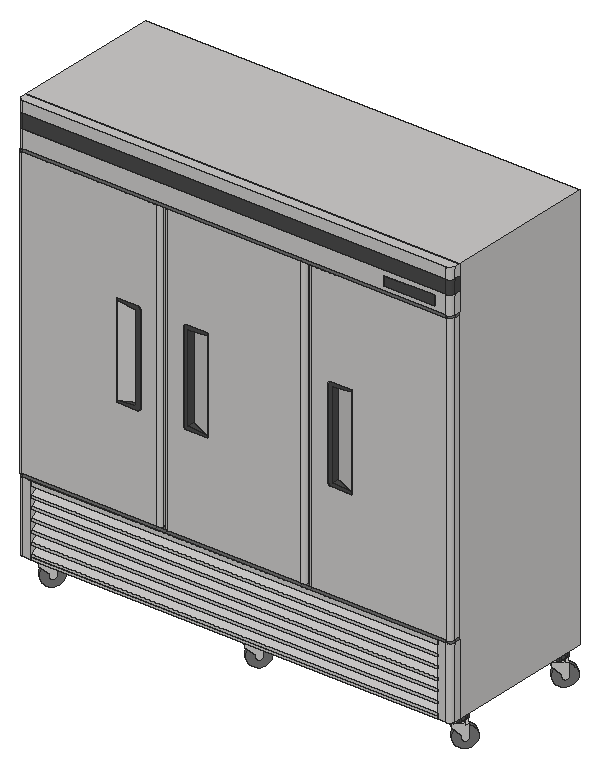
Revit family "QF_Turbo Air_TSR-72SD", category Specialty Equipment, Revit 2012
Parameters (values of type "TSR-72SD")
  Width = 81 7/8"
  Weight in Pounds = 602
  Watermarked By = "http://revitwatermark.com"
  Volts = 115 V
  URL Cutsheet = ""
  URL = ""
  Status [instance] = ""
  Specification by User [instance] = ""
  Specification by Manufacturer [instance] = ""
  Serial Number [instance] = ""
  Revision Code [instance] = ""
  Phase = 1
  Number of Poles [instance] = 1
  NAFEM Spec ID Number [instance] = ""
  Model = "TSR-72SD"
  Masterspec [instance] = ""
  Manufacturer = "Turbo Air"  # constant formula
  Legs [instance] = [6 Inch Legs]  # no
  Item Number [instance] = "-"
  Installed By [instance] = ""
  HP = "1/2"
  Furnished By [instance] = ""
  Foodservice Equipment Identifier = yes
  FL Amps = 11.3 A
  Electrical Remarks [instance] = ""
  Electric Connection Type [instance] = ""
  Elec Conn RI Height [instance] = 0"
  Elec Conn Connection Height = 77 7/8"
  Door Height = 54 1/2"
  Description = "Refrigerator, Reach-In"
  Depth = 30 3/8"
  Cycle = 60 Hz
  Conn Plug = "NEMA 5-15P"
  Casters [instance] = or([4 Inch Casters], [5 Inch Casters])  # yes
  CasterLeg Height [instance] = if([4 Inch Casters], 5", if([5 Inch Casters], 5 3/4", 6"))  # 5"
  Cabinet Height = 77"
  CSI MasterFormat = "11 41 13"
  Assembly Code = "E1090320"
  Apparent Power = if(Phase = 1, Volts * FL Amps * 1.73, Volts * FL Amps)  # 2248.14 VA
  6 Inch Legs [instance] = no
  5 Inch Casters [instance] = no
  4 Inch Casters [instance] = yes
Reference planes (in)
  plane 1 "BACK": y = 0
  plane 2 "BOTTOM": z = 0
  plane 3 "LEFT": x = -21.59155
  plane 4 "RIGHT": x = 60.28345
  plane 5 "FRONT": y = -30.375
  plane 6 "TOP": z = 83.25
  plane 7 "Bottom of Box": z = 6.25
  plane 8 "Back of Door": y = -28.375
  plane 9 "Bottom of Top Reach-In": z = 75.125
  plane 10 "Bottom of Door": z = 20.125
  plane 11 "Bottom of Bottom Reach-In": z = 6.75
  plane 12: z = 19.625
  plane 13: y = -0.25
  plane 14 "Top 1": z = 81.25
  plane 15 "Top 2": z = 78.625
  plane 16: x = 19.34595
  plane 17: x = 5.70012
  plane 18: x = 32.99179
  plane 19: x = 5.95012
  plane 20: x = 5.45012
  plane 21: x = 33.24179
  plane 22: x = 32.74179
  plane 23: z = 74.625
  plane 24: y = -55.875
  plane 25: z = 5
Forms (in)
  Extrusion 1, solid, material "QF_Finishes_Stainless Steel"
    sketch origin (0, -28.375, 0) x (1, 0, 0) y (0, 0, 1)
      loop
        line (-19.02905, 19.625) -> (-19.02905, 18.75) -> (57.72095, 18.75) -> (57.72095, 19.625) -> (-19.02905, 19.625)
    from 0 to 2
  Blend 2, solid, material "QF_Finishes_Stainless Steel"
    base sketch origin (0, -28.375, 1.5) x (1, 0, 0) y (0, 0, 1)
      loop
        line (-19.02905, 17.25) -> (-19.02905, 15.25) -> (57.72095, 15.25) -> (57.72095, 17.25) -> (-19.02905, 17.25)
    top sketch origin (0, -28.375, 1.5) x (1, 0, 0) y (0, 0, 1)
      loop
        line (-19.02905, 15.25) -> (57.72095, 15.25) -> (57.72095, 15.75) -> (-19.02905, 15.75) -> (-19.02905, 15.25)
    from 0 to 2
  Blend 3, solid, material "QF_Finishes_Stainless Steel"
    base sketch origin (0, -28.375, -0.5) x (1, 0, 0) y (0, 0, 1)
      loop
        line (-19.02905, 17.25) -> (-19.02905, 15.25) -> (57.72095, 15.25) -> (57.72095, 17.25) -> (-19.02905, 17.25)
    top sketch origin (0, -28.375, -0.5) x (1, 0, 0) y (0, 0, 1)
      loop
        line (-19.02905, 15.25) -> (57.72095, 15.25) -> (57.72095, 15.75) -> (-19.02905, 15.75) -> (-19.02905, 15.25)
    from 0 to 2
  Blend 4, solid, material "QF_Finishes_Stainless Steel"
    base sketch origin (0, -28.375, -2.5) x (1, 0, 0) y (0, 0, 1)
      loop
        line (-19.02905, 17.25) -> (-19.02905, 15.25) -> (57.72095, 15.25) -> (57.72095, 17.25) -> (-19.02905, 17.25)
    top sketch origin (0, -28.375, -2.5) x (1, 0, 0) y (0, 0, 1)
      loop
        line (-19.02905, 15.25) -> (57.72095, 15.25) -> (57.72095, 15.75) -> (-19.02905, 15.75) -> (-19.02905, 15.25)
    from 0 to 2
  Blend 5, solid, material "QF_Finishes_Stainless Steel"
    base sketch origin (0, -28.375, -4.5) x (1, 0, 0) y (0, 0, 1)
      loop
        line (-19.02905, 17.25) -> (-19.02905, 15.25) -> (57.72095, 15.25) -> (57.72095, 17.25) -> (-19.02905, 17.25)
    top sketch origin (0, -28.375, -4.5) x (1, 0, 0) y (0, 0, 1)
      loop
        line (-19.02905, 15.25) -> (57.72095, 15.25) -> (57.72095, 15.75) -> (-19.02905, 15.75) -> (-19.02905, 15.25)
    from 0 to 2
  Blend 6, solid, material "QF_Finishes_Stainless Steel"
    base sketch origin (0, -28.375, -6.5) x (1, 0, 0) y (0, 0, 1)
      loop
        line (-19.02905, 17.25) -> (-19.02905, 15.25) -> (57.72095, 15.25) -> (57.72095, 17.25) -> (-19.02905, 17.25)
    top sketch origin (0, -28.375, -6.5) x (1, 0, 0) y (0, 0, 1)
      loop
        line (-19.02905, 15.25) -> (57.72095, 15.25) -> (57.72095, 15.75) -> (-19.02905, 15.75) -> (-19.02905, 15.25)
    from 0 to 2
  Blend 7, solid, material "QF_Finishes_Stainless Steel"
    base sketch origin (0, -28.375, -8.5) x (1, 0, 0) y (0, 0, 1)
      loop
        line (-19.02905, 17.25) -> (-19.02905, 15.25) -> (57.72095, 15.25) -> (57.72095, 17.25) -> (-19.02905, 17.25)
    top sketch origin (0, -28.375, -8.5) x (1, 0, 0) y (0, 0, 1)
      loop
        line (-19.02905, 15.25) -> (57.72095, 15.25) -> (57.72095, 15.75) -> (-19.02905, 15.75) -> (-19.02905, 15.25)
    from 0 to 2
  Extrusion 8, solid, material "QF_Finishes_Stainless Steel"
    sketch origin (0, 0, 0) x (1, 0, 0) y (0, 0, 1)
      loop
        circle (-17.71449, 77.3727) r 0.25
    from 0 to -0.25
  Extrusion 9, solid, material "QF_Finishes_Stainless Steel"
    sketch origin (0, 0, 0) x (1, 0, 0) y (0, 0, 1)
      loop
        line (-21.59155, 83.25) -> (-21.59155, 19.625) -> (60.28345, 19.625) -> (60.28345, 83.25) -> (-21.59155, 83.25)
      loop
        line (58.28345, 20.125) -> (58.28345, 81.25) -> (-19.59155, 81.25) -> (-19.59155, 20.125) -> (58.28345, 20.125)
    from 0 to 28.375
  Extrusion 10, solid, material "QF_Finishes_Stainless Steel"
    sketch origin (0, 0, 0) x (1, 0, 0) y (0, 0, 1)
      loop
        line (-19.59155, 81.25) -> (-19.59155, 20.125) -> (58.28345, 20.125) -> (58.28345, 81.25) -> (-19.59155, 81.25)
    from 0 to 0.25
  Extrusion 11, solid, material "QF_Finishes_Stainless Steel"
    sketch origin (0, 0, 6.25) x (0, 1, 0) y (-1, 0, 0)
      loop
        line (0, 21.59155) -> (-28.375, 21.59155) -> (-28.375, -60.28345) -> (0, -60.28345) -> (0, 21.59155)
    from 0 to 13.375
  Extrusion 12, solid, material "QF_Finishes_Stainless Steel"
    sketch origin (0, 0, 6.25) x (0, 1, 0) y (-1, 0, 0)
      loop
        line (-28.375, 21.59155) -> (-29.375, 21.59155)
        arc (-29.375, 21.59155) -> (-30.08211, 21.29865) -> (-30.375, 20.59155) r 1
        line (-30.375, 20.59155) -> (-30.375, 19.02905) -> (-28.375, 19.02905) -> (-28.375, 21.59155)
      loop
        line (-28.375, -60.28345) -> (-28.375, -57.72095) -> (-30.375, -57.72095) -> (-30.375, -59.28345)
        arc (-30.375, -59.28345) -> (-30.08211, -59.99056) -> (-29.375, -60.28345) r 1
        line (-29.375, -60.28345) -> (-28.375, -60.28345)
    from 0 to 13.375
  Extrusion 13, solid, material "QF_Finishes_Stainless Steel"
    sketch origin (0, -30.375, 0) x (1, 0, 0) y (0, 0, 1)
      loop
        line (-19.02905, 6.75) -> (-19.02905, 6.25) -> (57.72095, 6.25) -> (57.72095, 6.75) -> (-19.02905, 6.75)
    from 0 to -2
  Extrusion 14, solid, material "QF_Finishes_Stainless Steel"
    sketch origin (0, 0, 83.25) x (0, 1, 0) y (-1, 0, 0)
      loop
        line (-28.375, 21.59155) -> (-29.375, 21.59155)
        arc (-29.375, 21.59155) -> (-30.08211, 21.29865) -> (-30.375, 20.59155) r 1
        line (-30.375, 20.59155) -> (-30.375, -59.28345)
        arc (-30.375, -59.28345) -> (-30.08211, -59.99056) -> (-29.375, -60.28345) r 1
        line (-29.375, -60.28345) -> (-28.375, -60.28345) -> (-28.375, 21.59155)
    from 0 to -2
  Extrusion 15, solid, material "QF_Finishes_Black"
    sketch origin (0, 0, 81.25) x (-1, 0, 0) y (0, -1, 0)
      loop
        line (21.59155, 28.375) -> (21.59155, 29.375)
        arc (21.59155, 29.375) -> (21.29865, 30.08211) -> (20.59155, 30.375) r 1
        line (20.59155, 30.375) -> (-59.28345, 30.375)
        arc (-59.28345, 30.375) -> (-59.99056, 30.08211) -> (-60.28345, 29.375) r 1
        line (-60.28345, 29.375) -> (-60.28345, 28.375) -> (21.59155, 28.375)
    from 0 to -2.625
  Extrusion 16, solid, material "QF_Finishes_Stainless Steel"
    sketch origin (0, 0, 78.625) x (-1, 0, 0) y (0, -1, 0)
      loop
        line (21.59155, 28.375) -> (21.59155, 29.375)
        arc (21.59155, 29.375) -> (21.29865, 30.08211) -> (20.59155, 30.375) r 1
        line (20.59155, 30.375) -> (-59.28345, 30.375)
        arc (-59.28345, 30.375) -> (-59.99056, 30.08211) -> (-60.28345, 29.375) r 1
        line (-60.28345, 29.375) -> (-60.28345, 28.375) -> (21.59155, 28.375)
    from 0 to -3.5
  Extrusion 17, void
    sketch origin (0, -28.375, 0) x (1, 0, 0) y (0, 0, 1)
      loop
        line (47.65845, 77.75) -> (47.65845, 75.9375) -> (57.15845, 75.9375) -> (57.15845, 77.75) -> (47.65845, 77.75)
    from 0 to 2
  Extrusion 18, solid, material "QF_Finishes_Black"
    sketch origin (0, -28.375, 0) x (1, 0, 0) y (0, 0, 1)
      loop
        line (47.65845, 77.75) -> (47.65845, 75.9375) -> (57.15845, 75.9375) -> (57.15845, 77.75) -> (47.65845, 77.75)
    from 0 to 2
  Extrusion 19, solid, material "QF_Finishes_Dark Grey"
    sketch origin (0, 0, 75.125) x (0, 1, 0) y (-1, 0, 0)
      loop
        line (-28.375, 21.59155) -> (-29.375, 21.59155)
        arc (-29.375, 21.59155) -> (-30.08211, 21.29865) -> (-30.375, 20.59155) r 1
        line (-30.375, 20.59155) -> (-30.375, -59.27304)
        arc (-30.375, -59.27304) -> (-30.08211, -59.98014) -> (-29.375, -60.27304) r 1
        line (-29.375, -60.27304) -> (-28.375, -60.27304) -> (-28.375, 21.59155)
    from 0 to -0.5
  Extrusion 20, solid, material "QF_Finishes_Dark Grey"
    sketch origin (0, 0, 20.125) x (0, 1, 0) y (-1, 0, 0)
      loop
        line (-28.375, 21.59155) -> (-29.375, 21.59155)
        arc (-29.375, 21.59155) -> (-30.08211, 21.29865) -> (-30.375, 20.59155) r 1
        line (-30.375, 20.59155) -> (-30.375, -59.27304)
        arc (-30.375, -59.27304) -> (-30.08211, -59.98014) -> (-29.375, -60.27304) r 1
        line (-29.375, -60.27304) -> (-28.375, -60.27304) -> (-28.375, 21.59155)
    from 0 to -0.5
  Extrusion 21, solid, material "QF_Finishes_Dark Grey"
    sketch origin (0, -28.375, 0) x (1, 0, 0) y (0, 0, 1)
      loop
        line (5.4397, 74.625) -> (5.4397, 20.125) -> (5.95012, 20.125) -> (5.95012, 74.625) -> (5.4397, 74.625)
      loop
        line (32.74179, 74.625) -> (32.74179, 20.125) -> (33.24179, 20.125) -> (33.24179, 74.625) -> (32.74179, 74.625)
    from 0 to 0.65786
  Extrusion 22, solid, material "QF_Finishes_Black"
    sketch origin (-21.59155, 0, 0) x (0, 1, 0) y (0, 0, 1)
      loop
        line (-4, 5) -> (-2, 5) -> (-2, 6.25) -> (-2.125, 6.25) -> (-2.125, 5.125) -> (-3.875, 5.125) -> (-3.875, 6.25) -> (-4, 6.25) -> (-4, 5)
      loop
        line (-27.625, 5) -> (-25.625, 5) -> (-25.625, 6.25) -> (-25.75, 6.25) -> (-25.75, 5.125) -> (-27.5, 5.125) -> (-27.5, 6.25) -> (-27.625, 6.25) -> (-27.625, 5)
    from 0.5 to 81.375
Cuts and joins
  joined: Extrusion 9, Extrusion 10, Extrusion 11
  Extrusion 17 cuts Extrusion 16
Lines and regions (in)
  symbolic lines
    curve 1: line (60.28345, 0, 6.75) -> (-21.59155, 0, 6.75)
    curve 2: line (-21.59155, 0, 6.75) -> (-21.59155, -28.375, 6.75)
    curve 3: line (60.28345, -28.375, 6.75) -> (60.28345, 0, 6.75)
    curve 4: line (60.28345, -29.375, 6.75) -> (60.28345, -28.375, 6.75)
    curve 5: arc (60.28345, -29.375, 6.75) -> (59.99056, -30.08211, 6.75) -> (59.28345, -30.375, 6.75) r 1
    curve 6: line (-20.59155, -30.375, 6.75) -> (59.28345, -30.375, 6.75)
    curve 7: arc (-20.59155, -30.375, 6.75) -> (-21.29865, -30.08211, 6.75) -> (-21.59155, -29.375, 6.75) r 1
    curve 8: line (-21.59155, -28.375, 6.75) -> (-21.59155, -29.375, 6.75)
  symbolic lines, style "QF_Surface Details"
    curve 9: line (-21.59155, -28.375, 6.75) -> (60.28345, -28.375, 6.75)
  symbolic lines, style "QF_Clearances", detail levels coarse
    curve 10: line (-21.59155, -30.375, 75.125) -> (-21.59155, -55.875, 75.125)
    curve 11: line (32.74179, -30.375, 75.125) -> (32.74179, -55.875, 75.125)
    curve 12: line (60.27304, -30.375, 75.125) -> (60.27304, -55.875, 75.125)
    curve 16: arc (5.4397, -30.375, 75.125) -> (-2.3984, -49.14345, 75.125) -> (-21.59155, -55.875, 75.125) r 25
    curve 17: arc (5.95012, -30.375, 75.125) -> (13.70799, -49.04855, 75.125) -> (32.74179, -55.875, 75.125) r 25
    curve 18: arc (33.24179, -30.375, 75.125) -> (41.07989, -49.14345, 75.125) -> (60.27304, -55.875, 75.125) r 25
  symbolic lines, style "QF_Clearances", detail levels medium+fine
    curve 13: line (60.27304, -30.375, 75.125) -> (33.24179, -30.375, 75.125)
    curve 14: line (32.74179, -30.375, 75.125) -> (5.95012, -30.375, 75.125)
    curve 15: line (5.4397, -30.375, 75.125) -> (-21.59155, -30.375, 75.125)
Dimensions and locks (in)
  "Width": plane 4 "RIGHT" to plane 3 "LEFT"
  "Depth": plane 5 "FRONT" to plane 1 "BACK"
  locked: plane 3 "LEFT" to nested 1 at 2
  locked: nested 1 to plane 1 "BACK" at 3
  locked: nested 2 to plane 4 "RIGHT" at 2
  locked: nested 2 to plane 1 "BACK" at 3
  locked: plane 3 "LEFT" to nested 3 at 2
  locked: nested 4 to plane 4 "RIGHT" at 2
  locked: plane 8 "Back of Door" to plane 1 "BACK" at 28.375
  locked: plane 11 "Bottom of Bottom Reach-In" to plane 7 "Bottom of Box" at 0.5
  locked: plane 10 "Bottom of Door" to plane 11 "Bottom of Bottom Reach-In" at 13.375
  locked: plane 10 "Bottom of Door" to plane 12 at 0.5
  locked: Extrusion 1 sketch curve to Extrusion 1 sketch curve at 0.875
  "Cabinet Height": plane 6 "TOP" to plane 7 "Bottom of Box"
  locked: plane 1 "BACK" to plane 13 at 0.25
  locked: Extrusion 9 sketch curve to Extrusion 9 sketch curve at 2  (x3)
  locked: plane 6 "TOP" to plane 14 "Top 1" at 2
  locked: plane 14 "Top 1" to plane 15 "Top 2" at 2.625
  locked: plane 5 "FRONT" to nested 3 at 3.75
  locked: plane 5 "FRONT" to nested 4 at 3.75
  locked: Extrusion 17 sketch curve to plane 4 "RIGHT" at 3.125
  locked: Extrusion 17 sketch curve to Extrusion 17 sketch curve at 9.5
  locked: Extrusion 18 sketch curve to plane 4 "RIGHT" at 3.125
  locked: Extrusion 18 sketch curve to Extrusion 18 sketch curve at 9.5
  locked: plane 15 "Top 2" to Extrusion 18 sketch curve at 0.875
  locked: Extrusion 18 sketch curve to plane 9 "Bottom of Top Reach-In" at 0.8125
  locked: plane 15 "Top 2" to Extrusion 17 sketch curve at 0.875
  locked: Extrusion 17 sketch curve to plane 9 "Bottom of Top Reach-In" at 0.8125
  equal spacing: plane 3 "LEFT", plane 16, plane 4 "RIGHT"
  locked: plane 5 "FRONT" to nested 6 at 3.75
  locked: nested 5 to plane 1 "BACK" at 3
  equal spacing: plane 3 "LEFT", plane 17, plane 18, plane 4 "RIGHT"
  plane 21 to plane 4 "RIGHT" = 27.04167"
  locked: plane 9 "Bottom of Top Reach-In" to plane 23 at 0.5
  "Door Height": plane 23 to plane 10 "Bottom of Door"
  plane 24 to plane 5 "FRONT" = 25 1/2"
  locked: plane 7 "Bottom of Box" to plane 25 at 1.25
  "CasterLeg Height": plane 25 to level
  locked: Extrusion 22 sketch curve to plane 25 at 0.125  (x2)
  locked: plane 4 "RIGHT" to Extrusion 22 at 0.5
  aligned and locked: level to plane 2 "BOTTOM"
  aligned and locked: plane 5 "FRONT" to Extrusion 1
  aligned and locked: Blend 2 sketch curve to var sketch  (x2)
  aligned and locked: plane 5 "FRONT" to Blend 2
  aligned and locked: Blend 3 sketch curve to var sketch  (x2)
  aligned and locked: Blend 4 sketch curve to var sketch  (x2)
  aligned and locked: Blend 5 sketch curve to var sketch  (x2)
  aligned and locked: Blend 6 sketch curve to var sketch  (x2)
  aligned and locked: Blend 7 sketch curve to var sketch  (x2)
  aligned and locked: Extrusion 9 sketch curve to plane 4 "RIGHT"
  aligned and locked: plane 12 to Extrusion 9 sketch curve
  aligned and locked: Extrusion 10 sketch curve to Extrusion 9  (x4)
  aligned and locked: plane 13 to Extrusion 10
  aligned and locked: Extrusion 11 sketch curve to curve 1
  aligned and locked: Extrusion 11 sketch curve to curve 2
  aligned and locked: Extrusion 11 sketch curve to curve 3
  aligned and locked: plane 12 to Extrusion 11
  aligned and locked: Extrusion 12 sketch curve to plane 3 "LEFT"
  aligned and locked: Extrusion 12 sketch curve to plane 5 "FRONT"
  aligned and locked: Extrusion 12 sketch curve to plane 4 "RIGHT"
  aligned and locked: plane 5 "FRONT" to Extrusion 12 sketch curve
  aligned and locked: plane 12 to Extrusion 12
  aligned and locked: Extrusion 13 sketch curve to Blend 7  (x2)
  aligned and locked: Extrusion 13 sketch curve to Extrusion 12
  aligned and locked: Extrusion 12 to Extrusion 13 sketch curve
  aligned and locked: Extrusion 13 to plane 8 "Back of Door"
  aligned and locked: plane 8 "Back of Door" to Extrusion 9
  aligned and locked: Extrusion 14 sketch curve to curve 9
  aligned and locked: Extrusion 14 sketch curve to curve 2
  aligned and locked: Extrusion 14 sketch curve to plane 5 "FRONT"
  aligned and locked: Extrusion 14 sketch curve to plane 4 "RIGHT"
  aligned and locked: Extrusion 14 to plane 14 "Top 1"
  aligned and locked: Extrusion 15 sketch curve to plane 4 "RIGHT"
  aligned and locked: Extrusion 15 sketch curve to plane 5 "FRONT"
  aligned and locked: plane 8 "Back of Door" to Extrusion 15 sketch curve
  aligned and locked: plane 3 "LEFT" to Extrusion 15 sketch curve
  aligned and locked: Extrusion 15 to plane 15 "Top 2"
  aligned and locked: Extrusion 16 sketch curve to curve 9
  aligned and locked: Extrusion 16 sketch curve to curve 2
  aligned and locked: Extrusion 16 sketch curve to plane 5 "FRONT"
  aligned and locked: Extrusion 16 sketch curve to plane 4 "RIGHT"
  aligned and locked: Extrusion 16 to plane 9 "Bottom of Top Reach-In"
  aligned and locked: plane 5 "FRONT" to Extrusion 17
  aligned and locked: plane 5 "FRONT" to Extrusion 18
  aligned and locked: plane 5 "FRONT" to Blend 3
  aligned and locked: plane 5 "FRONT" to Blend 4
  aligned and locked: plane 5 "FRONT" to Blend 5
  aligned and locked: plane 5 "FRONT" to Blend 6
  aligned and locked: plane 5 "FRONT" to Blend 7
  aligned and locked: plane 16 to nested 5
  aligned and locked: plane 16 to nested 6
  aligned and locked: nested 7 to plane 10 "Bottom of Door"
  aligned and locked: Extrusion 19 to plane 23
  aligned and locked: Extrusion 20 sketch curve to curve 9
  aligned and locked: Extrusion 20 sketch curve to curve 2
  aligned and locked: Extrusion 20 sketch curve to nested 7  (x2)
  aligned and locked: Extrusion 20 to plane 12
  aligned and locked: Extrusion 21 sketch curve to plane 23
  aligned and locked: Extrusion 21 sketch curve to nested 9
  aligned and locked: Extrusion 21 sketch curve to nested 8  (x3)
  aligned and locked: Extrusion 21 sketch curve to nested 7  (x2)
  aligned and locked: plane 10 "Bottom of Door" to nested 9
  aligned and locked: nested 8 to plane 10 "Bottom of Door"
  aligned and locked: Extrusion 22 sketch curve to plane 7 "Bottom of Box"  (x4)
  aligned and locked: plane 25 to Extrusion 22 sketch curve  (x2)
Automatic sketch dimensions
  Blend 2 sketch curve to plane 12 = 2 7/8"  (x2)
  Blend 2 sketch curve to plane 12 = 7/8"
  Blend 2 sketch curve to Blend 2 sketch curve = 1/2"
  plane 3 "LEFT" to Blend 3 sketch curve = 2 9/16"
  Blend 3 sketch curve to plane 4 "RIGHT" = 2 9/16"
  Blend 3 sketch curve to plane 12 = 4 7/8"  (x2)
  Blend 3 sketch curve to Blend 3 sketch curve = 2"
  Blend 3 sketch curve to Blend 3 sketch curve = 1/2"
  plane 3 "LEFT" to Blend 4 sketch curve = 2 9/16"
  Blend 4 sketch curve to plane 4 "RIGHT" = 2 9/16"
  plane 11 "Bottom of Bottom Reach-In" to Blend 4 sketch curve = 6"  (x2)
  Blend 4 sketch curve to Blend 4 sketch curve = 2"
  Blend 4 sketch curve to Blend 4 sketch curve = 1/2"
  plane 3 "LEFT" to Blend 5 sketch curve = 2 9/16"
  Blend 5 sketch curve to plane 4 "RIGHT" = 2 9/16"
  plane 11 "Bottom of Bottom Reach-In" to Blend 5 sketch curve = 4"  (x2)
  Blend 5 sketch curve to Blend 5 sketch curve = 2"
  Blend 5 sketch curve to Blend 5 sketch curve = 1/2"
  plane 3 "LEFT" to Blend 6 sketch curve = 2 9/16"
  Blend 6 sketch curve to plane 4 "RIGHT" = 2 9/16"
  plane 11 "Bottom of Bottom Reach-In" to Blend 6 sketch curve = 2"  (x2)
  Blend 6 sketch curve to Blend 6 sketch curve = 2"
  Blend 6 sketch curve to Blend 6 sketch curve = 1/2"
  Blend 7 sketch curve to plane 11 "Bottom of Bottom Reach-In" = 0"  (x2)
  plane 3 "LEFT" to Blend 7 sketch curve = 2 9/16"
  Blend 7 sketch curve to plane 4 "RIGHT" = 2 9/16"
  plane 11 "Bottom of Bottom Reach-In" to Blend 7 sketch curve = 2"
  plane 11 "Bottom of Bottom Reach-In" to Blend 7 sketch curve = 1/2"
  plane 8 "Back of Door" to curve 9 = 0"
  plane 3 "LEFT" to curve 7 = 1"
  curve 4 to plane 5 "FRONT" = 1"
  plane 3 "LEFT" to Extrusion 8 sketch curve = 3.87706"
  plane 9 "Bottom of Top Reach-In" to Extrusion 8 sketch curve = 2.2477"
  plane 1 "BACK" to curve 2 = 0"
  Extrusion 1 sketch curve to plane 12 = 0"
  plane 8 "Back of Door" to Extrusion 12 sketch curve = 0"  (x2)
  Extrusion 12 sketch curve to Extrusion 12 sketch curve = 1 9/16"  (x2)
  Extrusion 9 sketch curve to plane 10 "Bottom of Door" = 0"
  plane 5 "FRONT" to curve 7 = 0"
  curve 8 to plane 3 "LEFT" = 0"
  curve 1 to plane 4 "RIGHT" = 0"
  Extrusion 9 sketch curve to plane 3 "LEFT" = 0"
  Extrusion 9 sketch curve to plane 14 "Top 1" = 0"
  plane 8 "Back of Door" to Extrusion 11 sketch curve = 0"
  Extrusion 14 sketch curve to plane 5 "FRONT" = 1"  (x2)
  Extrusion 1 sketch curve to plane 4 "RIGHT" = 2 9/16"
  Blend 2 sketch curve to plane 4 "RIGHT" = 2 9/16"
  Extrusion 12 sketch curve to plane 4 "RIGHT" = 1"
  Extrusion 15 sketch curve to Extrusion 15 sketch curve = 1"
  Extrusion 16 sketch curve to plane 4 "RIGHT" = 1"
  plane 3 "LEFT" to Extrusion 1 sketch curve = 2 9/16"
  plane 3 "LEFT" to Blend 2 sketch curve = 2 9/16"
  plane 3 "LEFT" to Extrusion 12 sketch curve = 1"
  plane 3 "LEFT" to Extrusion 15 sketch curve = 1"
  plane 3 "LEFT" to Extrusion 16 sketch curve = 1"
  plane 5 "FRONT" to Extrusion 19 sketch curve = 0"
  Extrusion 19 sketch curve to plane 3 "LEFT" = 0"
  plane 8 "Back of Door" to Extrusion 19 sketch curve = 0"
  Extrusion 19 sketch curve to plane 5 "FRONT" = 1"  (x2)
  Extrusion 19 sketch curve to plane 4 "RIGHT" = 0.01042"
  Extrusion 20 sketch curve to plane 5 "FRONT" = 1"  (x2)
  Extrusion 21 sketch curve to plane 10 "Bottom of Door" = 0"
  curve 10 to plane 3 "LEFT" = 0"
  plane 24 to curve 10 = 0"
  curve 11 to plane 22 = 0"
  plane 24 to curve 11 = 0"
  plane 24 to curve 12 = 0"
  plane 5 "FRONT" to curve 12 = 0"
  plane 5 "FRONT" to curve 15 = 0"
  plane 5 "FRONT" to curve 11 = 0"
  curve 18 to plane 21 = 0"
  curve 17 to plane 19 = 0"
  plane 5 "FRONT" to curve 16 = 0.58321"
  plane 5 "FRONT" to curve 17 = 0.56474"
  plane 8 "Back of Door" to curve 18 = 2.58321"
  curve 12 to plane 4 "RIGHT" = 0.01042"
  curve 16 to plane 20 = 0.01042"
  Extrusion 22 sketch curve to plane 8 "Back of Door" = 3/4"
  Extrusion 22 sketch curve to Extrusion 22 sketch curve = 1/8"  (x4)
  Extrusion 22 sketch curve to Extrusion 22 sketch curve = 1 3/4"  (x2)
  plane 13 to Extrusion 22 sketch curve = 3 3/4"
  radius of Extrusion 8 sketch curve = 1/4"
Nested families (in)
  nested 1: "FESCasterLeg" at (-19.59155, -3, 0), Height <- "CasterLeg Height", Legs <- "Legs", Casters <- "Casters", type "FESCasterLeg"
    with Legs no, Height 5", Casters yes, Caster Radius 2"
  nested 2: "FESCasterLeg" at (58.28345, -3, 0), Height <- "CasterLeg Height", Legs <- "Legs", Casters <- "Casters", type "FESCasterLeg"
    with Legs no, Height 5", Casters yes, Caster Radius 2"
  nested 3: "FESCasterLeg" at (-19.59155, -26.625, 0), Height <- "CasterLeg Height", Legs <- "Legs", Casters <- "Casters", type "FESCasterLeg"
    with Legs no, Height 5", Casters yes, Caster Radius 2"
  nested 4: "FESCasterLeg" at (58.28345, -26.625, 0), Height <- "CasterLeg Height", Legs <- "Legs", Casters <- "Casters", type "FESCasterLeg"
    with Legs no, Height 5", Casters yes, Caster Radius 2"
  nested 5: "FESCasterLeg" at (19.34595, -3, 0), Height <- "CasterLeg Height", Legs <- "Legs", Casters <- "Casters", type "FESCasterLeg"
    with Legs no, Height 5", Casters yes, Caster Radius 2"
  nested 6: "FESCasterLeg" at (19.34595, -26.625, 0), Height <- "CasterLeg Height", Legs <- "Legs", Casters <- "Casters", type "FESCasterLeg"
    with Legs no, Height 5", Casters yes, Caster Radius 2"
  nested 7: "QF_Turbo Air_RI_J_TS-Door" at (48.41845, -28.5625, 20.125), Height <- "Door Height", type "QF_Turbo Air_RI_J_TS-Door"
    with Width 27 1/32", Symbolic Lines yes, Height 54 1/2", Handle Height 17 11/16", Handle Center Height 27 1/4", Depth 1 13/16"
  nested 8: "QF_Turbo Air_RI_J_TS-Door" at (21.12679, -28.5625, 20.125), Height <- "Door Height", type "QF_Turbo Air_RI_J_TS-Door"
    with Width 26.79167", Symbolic Lines yes, Height 54 1/2", Handle Height 17 11/16", Handle Center Height 27 1/4", Depth 1 13/16"
  nested 9: "QF_Turbo Air_RI_J_TS-Door" at (-9.73696, -28.5625, 20.125) x (-1, 0, 0) z (0, 0, 1), Height <- "Door Height", type "QF_Turbo Air_RI_J_TS-Door"
    with Width 27 1/32", Symbolic Lines yes, Height 54 1/2", Handle Height 17 11/16", Handle Center Height 27 1/4", Depth 1 13/16"
Connectors (in)
  electrical at (-17.71449, 0.25, 77.3727), driven by "Number of Poles", driven by "Volts", driven by "Apparent Power"
    settings: on Extrusion 8, index 1, voltage 115 V, apparent load 2248.14 VA, apparent load phase1 0 VA, apparent load phase2 0 VA, apparent load phase3 0 VA, power factor 1, load classification "Other", number of poles 1, system type 30, power factor state 1, is connector primary yes, connector utility no, sub classification motor no, connector description "ELECTRIC"
Definition of nested family "FESCasterLeg"
  Parameters (values of type "FESCasterLeg")
    Watermarked By = "http://revitwatermark.com"
    Type Comments = "⍁⍉⌁⌀⏭⎽⌇⍠⌜⍉⎖⌥⌦⌯⍭⏊⍻⍿⍊⏵⍊⏗⏠⍴⎡⌈⎀⍠⌓⌤⏘⎐⍀⌐⏬⏁⎈⏍⏦⎒⏬⌝⍩⍇⌣〈⎫〉⎁⏊⍥⍖⍥⍝⍦⌖⍀⏌⏭⎝⎼⏷⏞⍻⏯⎽⏷⏞⍻⏯⎽⏷⎺⌻⎝⍎⌧⏷⏟⏿⌿⍜⍦⍤⌁⍬⏶⏎⍊⏚⏉⎞⌡⎀⎪⏈⌟⌿⍾⍼⌟⌿⌢⌞⏜⏝⎽⍷⍷⍯⍧⍷⌯⍽⏸⏨⏾⏎⌣⏺⍹⏼⏅⎏⌽⎫⎪⍙⎓⏗⎗⏅⌴⍏⍏⍿⏑⎺⍘⌭⏲⍥⎛⎾⎾⍞⍌⎪⎲⌙⎥⏏⎟⎟⏼⏘⎏⎝⏧⏍⏁⍏⍧⏯⏾⌟"
    Legs [instance] = yes
    Height [instance] = 6"
    Caster Radius [instance] = if(Height < 3", 1", (Height / 2) - 1/2")  # 2 1/2"
    Casters [instance] = yes
    Assembly Code = ""
  Reference planes (in)
    plane 1 "Center (Front/Back)": y = 0
    plane 2: z = 0
    plane 3 "Center (Left/Right)": x = 0
    plane 4: z = 6
    plane 5: z = 5.5
  Forms (in)
    Extrusion 1, solid, material "QF_Finishes_Stainless Steel", visible <- "Casters"
      sketch origin (-24.12131, -22.88887, 10.18833) x (0.707107, 0.707107, 0) y (0, 0, 1)
        loop
          line (34.98772, -7.68833) -> (34.98772, -4.93833) -> (34.48772, -4.93833) -> (34.39402, -4.68833) -> (32.39402, -4.68833) -> (32.39402, -5.43833) -> (33.98772, -7.34206) -> (33.98772, -7.68833)
          arc (33.98772, -7.68833) -> (34.48772, -8.18833) -> (34.98772, -7.68833) r 0.5
      from 0 to 1.75
    Extrusion 2, solid, material "QF_Finishes_Rubber Black", visible <- "Casters"
      sketch origin (-24.32327, -23.09083, 13.31461) x (0.707107, 0.707107, 0) y (0, 0, 1)
        loop
          circle (34.77334, -10.81461) r 2.5
      from 0.375 to 1.375
    Extrusion 3, solid, material "QF_Finishes_Stainless Steel", visible <- "Casters"
      sketch origin (-7.24148, -8.48391, 0) x (0.707107, 0.707107, 0) y (0, 0, 1)
        loop
          line (10.61603, 5.5) -> (11.61603, 5.5) -> (11.61603, 6) -> (10.61603, 6) -> (10.61603, 5.5)
      from 0 to -1.75
    Blend 4, solid, material "QF_Finishes_Stainless Steel", visible <- "Legs"
      base sketch origin (0, 0, 0) x (1, 0, 0) y (0, 1, 0)
        loop
          circle (0, 0) r 0.5
      top sketch origin (0, 0, 0) x (1, 0, 0) y (0, 1, 0)
        loop
          circle (0, 0) r 1
      from 0 to 6 <- "Height"
  Lines and regions (in)
    symbolic lines, style "QF_Hidden Details", visible <- "Casters", built-in parameter 1006206 <- "Casters"
      curve 1: line (-1.26158, -0.51911, 0) -> (1.39007, 2.13254, 0)
      curve 2: line (-0.53429, -1.24639, 0) -> (2.11736, 1.40526, 0)
    symbolic lines, style "QF_Hidden Details", built-in parameter 1006206 <- "Casters", visible <- "Casters"
      curve 3: line (-1.26158, -0.51911, 0) -> (1.39007, 2.13254, 0)
      curve 4: line (-0.53429, -1.24639, 0) -> (2.11736, 1.40526, 0)
  Dimensions and locks (in)
    locked: plane 4 to plane 5 at 0.5
    "Height": plane 4 to level
    "Caster Radius": Extrusion 2 sketch curve to level
    "Caster Radius": Extrusion 1 sketch curve to level
    "Caster Radius": radius of Extrusion 2 sketch curve
    aligned and locked: plane 2 to level
    aligned: Blend 4 to Extrusion 3
    aligned and locked: plane 4 to Blend 4
    aligned and locked: Extrusion 3 to plane 5
    aligned and locked: plane 4 to Extrusion 3
    aligned and locked: plane 5 to Extrusion 1
  Automatic sketch dimensions
    plane 1 "Center (Front/Back)" to curve 3 = 0.51911"
    curve 3 to plane 3 "Center (Left/Right)" = 1.26158"
    plane 1 "Center (Front/Back)" to curve 1 = 0.51911"
    curve 1 to curve 3 = 0"  (x3)
    curve 4 to plane 3 "Center (Left/Right)" = 0.53429"
    curve 2 to curve 4 = 0"  (x2)
    plane 3 "Center (Left/Right)" to curve 3 = 1.39007"
    curve 1 to curve 4 = 0.72729"
    curve 2 to curve 1 = 0.72729"
    curve 4 to curve 2 = 0"  (x2)
    curve 2 to plane 1 "Center (Front/Back)" = 1.40526"
    curve 2 to curve 3 = 0.72729"
    plane 5 to Extrusion 1 sketch curve = 0"
    Extrusion 1 sketch curve to Extrusion 1 sketch curve = 1.5937"
    Extrusion 1 sketch curve to Extrusion 1 sketch curve = 2"
    Extrusion 1 sketch curve to Extrusion 1 sketch curve = 0.0937"
    Extrusion 1 sketch curve to Extrusion 1 sketch curve = 1/2"
    Extrusion 1 sketch curve to Extrusion 1 sketch curve = 0.34627"
    Extrusion 1 sketch curve to plane 5 = 3/4"
    Extrusion 1 sketch curve to plane 5 = 1/4"
    Extrusion 3 sketch curve to plane 5 = 0"
    plane 4 to Extrusion 3 sketch curve = 0"
    Extrusion 3 sketch curve to Extrusion 3 sketch curve = 1"
    plane 1 "Center (Front/Back)" to Blend 4 sketch curve = 0"  (x2)
    Blend 4 sketch curve to plane 3 "Center (Left/Right)" = 0"  (x2)
    radius of Blend 4 sketch curve = 1/2"
    radius of Blend 4 sketch curve = 1"
Definition of nested family "QF_Turbo Air_RI_J_TS-Door"
  Parameters (values of type "QF_Turbo Air_RI_J_TS-Door")
    Width [instance] = 28 3/4"
    Watermarked By = "http://revitwatermark.com"
    Symbolic Lines [instance] = yes
    Manufacturer = "Turbo Air"  # constant formula
    Height [instance] = 63 1/4"
    Handle Height [instance] = 17 11/16"
    Handle Center Height [instance] = 34 13/16"
    Depth [instance] = 1 13/16"
  Reference planes (in)
    plane 1 "BACK": y = 0
    plane 2: z = 0
    plane 3 "LEFT": x = -15.17667
    plane 4: x = 13.57333
    plane 5 "FRONT": y = -1.8125
    plane 6: z = 63.25
    plane 7 "Top of Handle": z = 43.65625
    plane 8 "Bottom of Handle": z = 25.96875
    plane 9 "Center of Handle": z = 34.8125
    plane 10 "Left of Handle": x = -11.36417
    plane 11 "Right of Handle": x = -6.86417
  Forms (in)
    Extrusion 1, solid, material "QF_Finishes_Stainless Steel"
      sketch origin (0, 0, 0) x (1, 0, 0) y (0, 0, 1)
        loop
          line (-15.17667, 63.25) -> (-15.17667, 0) -> (13.57333, 0) -> (13.57333, 63.25) -> (-15.17667, 63.25)
        loop
          arc (-10.80167, 43.65625) -> (-11.19941, 43.4915) -> (-11.36417, 43.09375) r 0.5625
          line (-11.36417, 43.09375) -> (-11.36417, 26.53125)
          arc (-11.36417, 26.53125) -> (-11.19941, 26.1335) -> (-10.80167, 25.96875) r 0.5625
          line (-10.80167, 25.96875) -> (-6.86417, 25.96875) -> (-6.86417, 43.65625) -> (-10.80167, 43.65625)
      from 0 to 1.8125
    Extrusion 2, solid, material "QF_Finishes_Black"
      sketch origin (0, 0, 0) x (1, 0, 0) y (0, 0, 1)
        loop
          arc (-10.80167, 43.65625) -> (-11.19941, 43.4915) -> (-11.36417, 43.09375) r 0.5625
          line (-11.36417, 43.09375) -> (-11.36417, 26.53125)
          arc (-11.36417, 26.53125) -> (-11.19941, 26.1335) -> (-10.80167, 25.96875) r 0.5625
          line (-10.80167, 25.96875) -> (-6.86417, 25.96875) -> (-6.86417, 26.34375) -> (-10.55167, 26.66636) -> (-10.55167, 42.95864) -> (-6.86417, 43.28125) -> (-6.86417, 43.65625) -> (-10.80167, 43.65625)
      from 0 to 1.8125
    Extrusion 3, solid, material "QF_Finishes_Stainless Steel"
      sketch origin (0, 0, 25.96875) x (0, 1, 0) y (-1, 0, 0)
        loop
          line (-1.8125, 6.86417) -> (0, 6.86417) -> (0, 10.55167) -> (-0.47036, 10.55167) -> (-1.8125, 6.86417)
      from 0.375 to 17.3125
    Extrusion 4, void
      sketch origin (0, 0, 0) x (1, 0, 0) y (0, 1, 0)
        loop
          line (-15.17667, -1) -> (-15.17667, -1.8125) -> (-14.36417, -1.8125)
          arc (-14.36417, -1.8125) -> (-14.93869, -1.57452) -> (-15.17667, -1) r 0.8125
        loop
          arc (13.57333, -1) -> (13.33536, -1.57452) -> (12.76083, -1.8125) r 0.8125
          line (12.76083, -1.8125) -> (13.57333, -1.8125) -> (13.57333, -1)
      from 0 to 63.25
  Cuts and joins
    Extrusion 4 cuts Extrusion 1
  Lines and regions (in)
    symbolic lines, visible <- "Symbolic Lines"
      curve 1: line (13.57333, 0, 25.96875) -> (-15.17667, 0, 25.96875)
      curve 2: line (-15.17667, 0, 25.96875) -> (-15.17667, -1, 25.96875)
      curve 3: line (-14.36417, -1.8125, 25.96875) -> (12.76083, -1.8125, 25.96875)
      curve 4: line (13.57333, -1, 25.96875) -> (13.57333, 0, 25.96875)
      curve 5: arc (-14.36417, -1.8125, 0) -> (-14.93869, -1.57452, 0) -> (-15.17667, -1, 0) r 0.8125
      curve 6: arc (13.57333, -1, 0) -> (13.33536, -1.57452, 0) -> (12.76083, -1.8125, 0) r 0.8125
  Dimensions and locks (in)
    "Width": plane 4 to plane 3 "LEFT"
    "Depth": plane 5 "FRONT" to plane 1 "BACK"
    "Height": plane 6 to plane 2
    "Handle Height": plane 7 "Top of Handle" to plane 8 "Bottom of Handle"
    equal spacing: plane 7 "Top of Handle", plane 9 "Center of Handle", plane 8 "Bottom of Handle"
    "Handle Center Height": plane 9 "Center of Handle" to level
    locked: plane 3 "LEFT" to plane 10 "Left of Handle" at 3.8125
    locked: plane 10 "Left of Handle" to plane 11 "Right of Handle" at 4.5
    locked: Extrusion 2 sketch curve to plane 10 "Left of Handle" at 0.8125
    locked: Extrusion 2 sketch curve to plane 8 "Bottom of Handle" at 0.69761
    locked: Extrusion 2 sketch curve to plane 8 "Bottom of Handle" at 0.375
    locked: plane 7 "Top of Handle" to Extrusion 2 sketch curve at 0.375
    locked: plane 7 "Top of Handle" to Extrusion 2 sketch curve at 0.69761
    locked: plane 7 "Top of Handle" to Extrusion 3 at 0.375
    locked: Extrusion 3 to plane 8 "Bottom of Handle" at 0.375
    locked: plane 5 "FRONT" to Extrusion 3 sketch curve at 1.34214
    locked: plane 10 "Left of Handle" to Extrusion 3 sketch curve at 0.8125
    locked: plane 5 "FRONT" to Extrusion 4 sketch curve at 0.8125  (x2)
    locked: plane 3 "LEFT" to Extrusion 4 sketch curve at 0.8125
    locked: Extrusion 4 sketch curve to plane 4 at 0.8125
    aligned and locked: level to plane 2
    aligned and locked: Extrusion 1 sketch curve to plane 6
    aligned and locked: plane 3 "LEFT" to Extrusion 1 sketch curve
    aligned and locked: level to Extrusion 1 sketch curve
    aligned and locked: Extrusion 1 sketch curve to plane 4
    aligned and locked: Extrusion 1 sketch curve to plane 7 "Top of Handle"
    aligned and locked: plane 10 "Left of Handle" to Extrusion 1 sketch curve
    aligned and locked: plane 8 "Bottom of Handle" to Extrusion 1 sketch curve
    aligned and locked: Extrusion 1 sketch curve to plane 11 "Right of Handle"
    aligned and locked: plane 5 "FRONT" to Extrusion 1
    aligned and locked: plane 8 "Bottom of Handle" to Extrusion 2 sketch curve
    aligned and locked: plane 10 "Left of Handle" to Extrusion 2 sketch curve
    aligned and locked: Extrusion 2 sketch curve to plane 7 "Top of Handle"
    aligned and locked: Extrusion 2 sketch curve to plane 11 "Right of Handle"
    aligned and locked: plane 11 "Right of Handle" to Extrusion 2 sketch curve
    aligned and locked: plane 5 "FRONT" to Extrusion 2
    aligned and locked: plane 1 "BACK" to Extrusion 3 sketch curve
    aligned and locked: plane 5 "FRONT" to Extrusion 3 sketch curve
    aligned and locked: Extrusion 3 sketch curve to plane 11 "Right of Handle"
    aligned and locked: Extrusion 4 sketch curve to plane 5 "FRONT"
    aligned and locked: plane 5 "FRONT" to Extrusion 4 sketch curve
    aligned and locked: plane 6 to cut or joined group of Extrusion 1, Extrusion 4
    aligned and locked: curve 5 to cut or joined group of Extrusion 1, Extrusion 4
    aligned and locked: curve 6 to cut or joined group of Extrusion 1, Extrusion 4
  Automatic sketch dimensions
    plane 10 "Left of Handle" to Extrusion 1 sketch curve = 9/16"  (x2)
    Extrusion 2 sketch curve to Extrusion 2 sketch curve = 0.13511"  (x2)
    curve 2 to curve 1 = 1"
    plane 3 "LEFT" to curve 3 = 13/16"
    plane 5 "FRONT" to curve 3 = 0"
    curve 4 to plane 4 = 0"
    curve 4 to curve 1 = 1"
    curve 3 to plane 4 = 13/16"
    curve 2 to plane 3 "LEFT" = 0"
    plane 1 "BACK" to curve 2 = 0"
